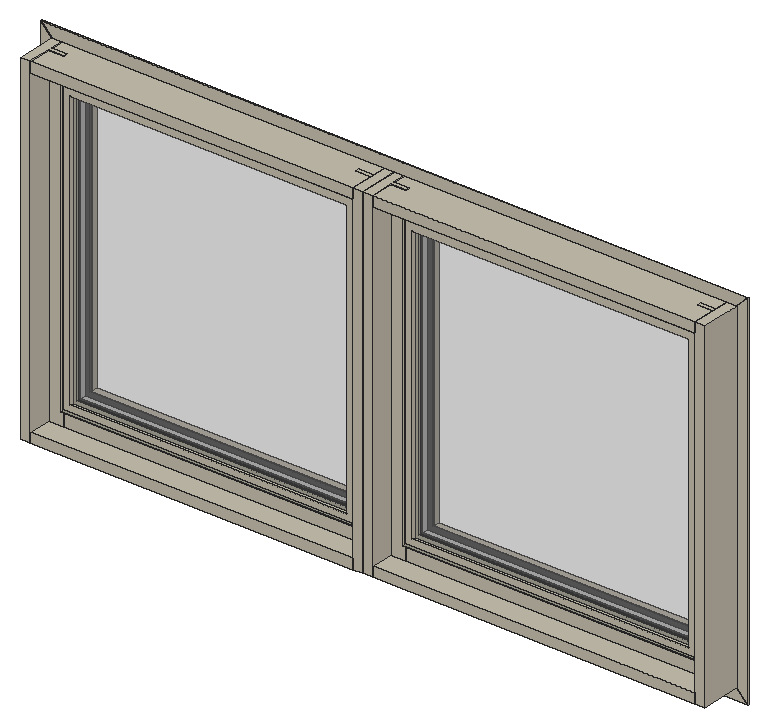
Revit family "3d0c3042-02c9-4433-823e-a8a08dd940e5", category Windows, host Wall, Revit 2014
Parameters (values of type "Motorized")
  glazingoffset [instance] = 0' - 0"  # constant formula
  glazingcl [instance] = 0' - 0"  # constant formula
  glasswidth [instance] = Unit Width - (0' 2 9/16" * 2) - 0' 5 1/8"  # 4' - 1 3/4"
  glassheight [instance] = Unit Height - (0' 2 9/16" * 2)  # 2' - 0 7/8"
  framewidth [instance] = Unit Width / 2  # 2' - 6"
  Weatherstripping Color [instance] = Finish - WesternWindow - Black
  Water Penetration = "as Specified"
  Warranty Duration (Years) = 0
  WarmEdge Spacer Finish [instance] = Finish - WesternWindow - Clear Satin Anodized
  Visual Light Transmittance = VLT  # 0
  VLT = 0
  Unit Width [instance] = 5' - 0"
  Unit Height [instance] = 2' - 6"
  URL = "https://www.westernwindowsystems.com/"
  U = 1.0000 BTU/(h·ft²·°F)
  Thermal Resistance (R) = R  # 1.0000 (h·ft²·°F)/BTU
  Test Data = ""
  Standards Conformance = "as Specified"
  SpecWizard = ""
  Solar Heat Gain Coefficient = SHGC  # 0
  Show Nail Fin [instance] = yes
  Screen Material [instance] = Metal - Window Screen
  STC Rating = 0
  SHGC = 0
  RO Spacing_Top = 0' - 0 1/4"
  RO Spacing_Sides = 0' - 0 1/4"
  RO Spacing_Bottom = 0' - 0"
  R = 1.0000 (h·ft²·°F)/BTU
  Operation = "Awning Pair"
  Miami Dade Conformance = "as Specified"
  Meets Egress = "as Specified"
  Maximum Size = "42 - 120'' Width  ;  16 - 48'' Height"
  Installation-Fabrication = ""
  Structural Test Pressure = "as Specified"
  Specification = ""
  Sales Information = "https://www.westernwindowsystems.com/contact-us"
  Rough Width [instance] = Width + (RO Spacing_Sides * 2)  # 5' - 0 1/2"
  Rough Height [instance] = Height + (RO Spacing_Top + RO Spacing_Bottom)  # 2' - 6 1/4"
  Product Properties = "https://www.westernwindowsystems.com/windows/series-670-hinged-window/"
  Product Data = "http://www.arcat.com/arcatcos/cos45/arc45818.html"
  Model = "670 Awning"
  Manufacturer Website = "https://www.westernwindowsystems.com/"
  Manufacturer Phone - Toll Free = ""
  Manufacturer Phone = "602-268-1300"
  Manufacturer Fax = "602-243-3119"
  Manufacturer Address = "5621 S. 25th St.  Phoenix, AZ 85040"
  Manufacturer = "Western Window Systems"
  Maintenance Schedule (Months) = 0
  Keynote = "as Specified"
  Installation Phase = ""
  Inset from Exterior Wall [instance] = 0' - 0"
  Include Screen = yes
  Height [instance] = Unit Height  # 2' - 6"
  Heat Transfer Coefficient (U) = U  # 5.6783 W/(m²·K)
  Hardware Finish [instance] = none
  Green Building-LEED = ""
  Glazing Type [instance] = "as Specified"
  Glazing Tint [instance] = Glazing - Clear
  Glazing Thickness = 0' - 0 7/8"
  Glazing Configuration [instance] = "as Specified"
  Frame Mounting Setback = 0' - 1"
  Frame Finish [instance] = Finish - WesternWindow - Warmtone
  Frame Design_Nail Fin = yes
  Frame Depth = 0' - 4 1/2"  # constant formula
  Forced Entry Rating = "as Specified"
  Expected Lifespan (Years) = 0
  Drawn By = "Sumex Design, Inc. / Robert S. Weygant, CSI, CDT, SCIP"
  Description = "Western Window Aluminum Awning Window - 670 Awning as Specified"
  Wall Closure = By host
  Width [instance] = Unit Width  # 5' - 0"
  Daylight Opening Width [instance] = Unit Width - (0' 3 1/16" * 2) - 0' 6 1/8"  # 3' - 11 3/4"
  Daylight Opening Height [instance] = Unit Height - (0' 3 1/16" * 2)  # 1' - 11 7/8"
  Copyright = "©Arcat Inc."
  Construction Details = ""
  Assembly Code = ""
  Analytic Construction = "<None>"
  Air Infiltration = "as Specified"
  AAMA Designation = "as Specified"
  3D Swing Angle [instance] = 0.00°
Types (3): name | Include Screen
  Motorized | yes
  Push Out | no
  Standard | yes
Reference planes (in)
  plane 1 "Center (Front/Back)": y = 0.6426
  plane 2: z = 0
  plane 3 "CENTER RL": x = 0.75
  plane 4 "RO RIGHT": x = -29.5
  plane 5 "RO LEFT": x = 31
  plane 6 "RO BOTTOM": z = 36.875
  plane 7 "FRAME TOP": z = 66.875
  plane 8 "CENTER ELEVATION": z = 51.875
  plane 9 "FRAME LEFT": x = 30.75
  plane 10 "FRAME R": x = -29.25
  plane 11 "SILL": z = 36.875
  plane 12 "EXT WALL": y = 3.6426
  plane 13 "RO TOP": z = 67.125
  plane 14 "INT WALL": y = -2.3574
  plane 15: y = 4.6426
  plane 16: y = 0.1426
  plane 17: y = 3.6426
  plane 18: y = 0.1426
Forms (in)
  Extrusion 1, solid, material "Finish - WesternWindow - Warmtone" <- "Frame Finish", visible <- "Show Nail Fin"
    sketch origin (-19.69941, 4.6426, 48) x (-1, 0, 0) y (0, 0, 1)
      loop
        line (9.55059, 18.875) -> (10.55059, 19.875) -> (-51.44941, 19.875) -> (-50.44941, 18.875) -> (9.55059, 18.875)
    from -0.9375 to -1
  Extrusion 2, solid, material "Finish - WesternWindow - Warmtone" <- "Frame Finish", visible <- "Show Nail Fin"
    sketch origin (-19.69941, 4.6426, 48) x (-1, 0, 0) y (0, 0, 1)
      loop
        line (9.55059, -11.125) -> (-50.44941, -11.125) -> (-51.44941, -12.125) -> (10.55059, -12.125) -> (9.55059, -11.125)
    from -0.9375 to -1
  Extrusion 3, solid, material "Finish - WesternWindow - Warmtone" <- "Frame Finish", visible <- "Show Nail Fin"
    sketch origin (-19.69941, 4.6426, 48) x (-1, 0, 0) y (0, 0, 1)
      loop
        line (10.55059, 19.875) -> (9.55059, 18.875) -> (9.55059, -11.125) -> (10.55059, -12.125) -> (10.55059, 19.875)
      loop
        line (-51.44941, 19.875) -> (-51.44941, -12.125) -> (-50.44941, -11.125) -> (-50.44941, 18.875) -> (-51.44941, 19.875)
    from -0.9375 to -1
Lines and regions (in)
  Opening 1
    outline origin (-60, -2.3574, 0) x (1, 0, 0) y (0, 0, 1)
      loop
        line (30.5, 67.125) -> (30.5, 36.875) -> (91, 36.875) -> (91, 67.125) -> (30.5, 67.125)
Text (in)
  text "EXTERIOR" at (-86.77914, 11.17749, 0), in view "Plan View"
  text "INTERIOR" at (-86.77914, -6.09899, 0), in view "Plan View"
  text "Exterior" at (0, 43.65631, 123.19604), in view "Left"
  text "Exterior" at (0, 18.29385, 125.04747), in view "Right"
Dimensions and locks (in)
  equal spacing: plane 4 "RO RIGHT", plane 3 "CENTER RL", plane 5 "RO LEFT"
  "Width": plane 10 "FRAME R" to plane 9 "FRAME LEFT"
  equal spacing: plane 7 "FRAME TOP", plane 8 "CENTER ELEVATION", plane 6 "RO BOTTOM"
  "RO Spacing_Sides": plane 5 "RO LEFT" to plane 9 "FRAME LEFT"
  "RO Spacing_Sides": plane 4 "RO RIGHT" to plane 10 "FRAME R"
  "RO Spacing_Top": plane 7 "FRAME TOP" to plane 13 "RO TOP"
  "RO Spacing_Bottom": plane 6 "RO BOTTOM" to plane 11 "SILL"
  "Height": plane 11 "SILL" to plane 7 "FRAME TOP"
  "Frame Depth": plane 15 to plane 16
  "Frame Mounting Setback": plane 15 to plane 17
  "Inset from Exterior Wall": plane 17 to plane 12 "EXT WALL"
  "glazingcl": plane 18 to plane 16
  locked: Extrusion 1 sketch curve to plane 10 "FRAME R" at 1
  locked: Extrusion 1 sketch curve to plane 9 "FRAME LEFT" at 1
  locked: Extrusion 1 sketch curve to plane 7 "FRAME TOP" at 1
  locked: Extrusion 2 sketch curve to plane 10 "FRAME R" at 1
  locked: Extrusion 2 sketch curve to plane 9 "FRAME LEFT" at 1
  locked: plane 11 "SILL" to Extrusion 2 sketch curve at 1
  locked: Extrusion 3 sketch curve to plane 7 "FRAME TOP" at 1  (x2)
  locked: plane 11 "SILL" to Extrusion 3 sketch curve at 1  (x2)
  locked: Extrusion 3 sketch curve to plane 10 "FRAME R" at 1
  locked: Extrusion 3 sketch curve to plane 9 "FRAME LEFT" at 1
  aligned and locked: plane 6 "RO BOTTOM" to Opening 1 sketch curve  (x2)
  aligned and locked: plane 5 "RO LEFT" to Opening 1 sketch curve
  aligned and locked: plane 4 "RO RIGHT" to Opening 1 sketch curve
  aligned and locked: level to plane 2
  aligned and locked: plane 1 "Center (Front/Back)" to host wall
  aligned and locked: plane 12 "EXT WALL" to host wall
  aligned and locked: Opening 1 sketch curve to plane 13 "RO TOP"
  aligned and locked: plane 14 "INT WALL" to host wall
  aligned and locked: nested 1 to plane 16
  aligned and locked: Extrusion 1 sketch curve to plane 7 "FRAME TOP"
  aligned and locked: plane 11 "SILL" to Extrusion 2 sketch curve
  aligned and locked: plane 9 "FRAME LEFT" to Extrusion 3 sketch curve
  aligned and locked: Extrusion 3 sketch curve to plane 10 "FRAME R"
  aligned and locked: plane 11 "SILL" to nested 2
  aligned and locked: nested 1 to plane 11 "SILL"
  aligned and locked: nested 2 to plane 18
Automatic sketch dimensions
  Extrusion 1 sketch curve to plane 9 "FRAME LEFT" = 0' - 0"
  plane 10 "FRAME R" to Extrusion 1 sketch curve = 0' - 0"
  Extrusion 2 sketch curve to plane 9 "FRAME LEFT" = 0' - 0"
  plane 10 "FRAME R" to Extrusion 2 sketch curve = 0' - 0"
  Extrusion 3 sketch curve to plane 6 "RO BOTTOM" = 0' - 0"  (x2)
  Extrusion 3 sketch curve to plane 7 "FRAME TOP" = 0' - 0"  (x2)
Nested families (in)
  nested 1: "670Awn" at (30.75, 0.1426, 51.875) x (0, 0, 1) z (-1, 0, 0), weatherstripping color <- "Weatherstripping Color", warm edge spacer color <- "WarmEdge Spacer Finish", glazing <- "Glazing Tint", frame <- "Frame Finish", screen <- "Screen Material", swingangle <- "3D Swing Angle", width <- "Unit Height", height <- "framewidth", include screen <- "Include Screen", type "670Awn"
    with width 2' - 6", weatherstripping color Finish - WesternWindow - Black, warm edge spacer color Finish - WesternWindow - Clear Satin Anodized, swingangle 0.00°, screen Metal - Window Screen, include screen yes, height 2' - 6", glazingcontrol 2' - 2 13/16", glazing Glazing - Clear, frame Finish - WesternWindow - Warmtone
  nested 2: "670Awn" at (-29.25, 0.1426, 51.875) x (0, 0, 1) z (1, 0, 0), weatherstripping color <- "Weatherstripping Color", warm edge spacer color <- "WarmEdge Spacer Finish", glazing <- "Glazing Tint", frame <- "Frame Finish", screen <- "Screen Material", swingangle <- "3D Swing Angle", width <- "Unit Height", height <- "framewidth", include screen <- "Include Screen", type "670Awn"
    with width 2' - 6", weatherstripping color Finish - WesternWindow - Black, warm edge spacer color Finish - WesternWindow - Clear Satin Anodized, swingangle 0.00°, screen Metal - Window Screen, include screen yes, height 2' - 6", glazingcontrol 2' - 2 13/16", glazing Glazing - Clear, frame Finish - WesternWindow - Warmtone
Definition of nested family "670Awn"
  Parameters (values of type "670CaseAwn")
    width [instance] = 3' - 0"
    weatherstripping color [instance] = none
    warm edge spacer color [instance] = none
    swingangle [instance] = 0.00°
    screen [instance] = none
    include screen [instance] = yes
    height [instance] = 3' - 0"
    glazingcontrol [instance] = width - (0' 2 9/16") - (0' 2 9/16" - 0' 1 15/16")  # 2' - 8 13/16"
    glazing [instance] = none
    frame [instance] = none
    Default Elevation = 4' - 0"
  Reference planes (in)
    plane 1 "Center (Front/Back)": y = 0
    plane 2: z = 0
    plane 3 "Center (Left/Right)": x = 0
    plane 4: x = -18
    plane 5: x = 18
    plane 6: z = 36
    plane 7: z = 18
    plane 8: x = 17.375
  Forms (in)
    Sweep 1, solid, material <- "frame"
      path origin (0, 0, 0) x (1, 0, 0) y (0, 0, 1)
        loop
          line (-18, 35.125) -> (-18, 0.875)
      profile origin (-18, 0, 18) x (0, -1, 0) y (1, 0, 0)
        loop
          line (-3.28125, 0.875) -> (-4.5, 0.50239) -> (-4.5, 0) -> (0, 0) -> (0, 0.875) -> (-2, 0.875) -> (-2, 2.1875) -> (-2.34375, 2.1875) -> (-2.34375, 0.875) -> (-3.28125, 0.875)
    Sweep 2, solid, material <- "frame"
      path origin (0, 0, 0) x (-1, 0, 0) y (0, 0, 1)
        loop
          line (-18, 35.125) -> (-18, 0.875)
      profile origin (18, 0, 18) x (0, -1, 0) y (1, 0, 0)
        loop
          line (-4.5, -0.875) -> (-2.34375, -0.875) -> (-2.34375, -2.1875) -> (-2, -2.1875) -> (-2, -0.875) -> (0, -0.875) -> (0, 0) -> (-4.5, 0) -> (-4.5, -0.875)
    Sweep 3, solid, material <- "frame"
      path origin (0, 0, 0) x (1, 0, 0) y (0, 0, 1)
        loop
          line (-18, 0) -> (18, 0)
      profile origin (0, 0, 0) x (0, 0, 1) y (0, -1, 0)
        loop
          line (0, 0) -> (0, -4.5) -> (0.875, -4.5) -> (0.875, -2.34375) -> (2.1875, -2.34375) -> (2.1875, -2) -> (0.875, -2) -> (0.875, 0) -> (0, 0)
    Sweep 4, solid, material <- "frame"
      path origin (0, 0, 60) x (1, 0, 0) y (0, 0, 1)
        loop
          line (-18, -24) -> (18, -24)
      profile origin (0, 0, 36) x (0, 0, 1) y (0, -1, 0)
        loop
          line (-0.875, -4.5) -> (0, -4.5) -> (0, 0) -> (-0.875, 0) -> (-0.875, -2) -> (-2.1875, -2) -> (-2.1875, -2.34375) -> (-0.875, -2.34375) -> (-0.875, -4.5)
    Sweep 5, solid, material <- "weatherstripping color", detail levels medium+fine
      path origin (17.375, 4.5, 0) x (-1, 0, 0) y (0, 0, 1)
        loop
          line (35.375, 36) -> (-0.625, 36) -> (-0.625, 0) -> (35.375, 0) -> (35.375, 36)
      profile origin (0, 4.5, 36) x (0, 0, -1) y (0, 1, 0)
        loop
          line (3.0625, -2) -> (3.0625, -1.84375) -> (2.5625, -1.84375) -> (2.5625, -2) -> (3.0625, -2)
        loop
          line (2.5625, -0.59375) -> (2.5625, -0.96875) -> (3.3125, -0.96875) -> (3.3125, -0.90625) -> (3.21094, -0.90625) -> (3.125, -0.82031) -> (3.125, -0.59375) -> (2.5625, -0.59375)
    Extrusion 6, solid, material <- "glazing"
      sketch origin (17.375, 4.5, 0) x (-1, 0, 0) y (0, 0, 1)
        loop
          line (32.8125, 33.4375) -> (1.9375, 33.4375) -> (1.9375, 2.5625) -> (32.8125, 2.5625) -> (32.8125, 33.4375)
      from -1.84375 to -0.96875
    Sweep 7, solid, material <- "warm edge spacer color"
      path origin (17.375, 4.5, 0) x (-1, 0, 0) y (0, 0, 1)
        loop
          line (35.375, 36) -> (-0.625, 36) -> (-0.625, 0) -> (35.375, 0) -> (35.375, 36)
      profile origin (0, 4.5, 36) x (0, 0, -1) y (0, 1, 0)
        loop
          line (2.5625, -1.15625) -> (2.5625, -1.65625) -> (3, -1.65625) -> (3, -1.15625) -> (2.5625, -1.15625)
    Sweep 8, solid, material <- "frame"
      path origin (17.375, 4.5, 0) x (-1, 0, 0) y (0, 0, 1)
        loop
          line (35.375, 36) -> (-0.625, 36) -> (-0.625, 0) -> (35.375, 0) -> (35.375, 36)
      profile origin (0, 4.5, 36) x (0, 0, -1) y (0, 1, 0)
        loop
          line (1.90625, 0) -> (1.90625, -2.15625) -> (3.0625, -2.15625) -> (3.0625, -2) -> (2.5625, -2) -> (2.5625, -0.59375) -> (3.0625, -0.59375) -> (3.0625, 0.09375) -> (2.3125, 0.09375) -> (2.3125, 0.21875) -> (0.625, 0.21875) -> (0.625, 0) -> (1.90625, 0)
    Sweep 9, solid, material <- "frame", visible <- "include screen"
      path origin (0, 0, 0) x (1, 0, 0) y (0, 0, 1)
        loop
          line (-18, 36) -> (-18, 0) -> (18, 0) -> (18, 36) -> (-18, 36)
      profile origin (0, 0, 36) x (0, 0, 1) y (0, -1, 0)
        loop
          line (-2.1875, -2) -> (-2, -2) -> (-2, -1.9375) -> (-2.0625, -1.9375) -> (-2.28125, -1.875) -> (-2.875, -1.875) -> (-2.875, -2.15625) -> (-2.625, -2.15625) -> (-2.625, -2.34375) -> (-2.1875, -2.34375) -> (-2.1875, -2)
    Extrusion 10, solid, material <- "screen", visible <- "include screen"
      sketch origin (0, 0, 0) x (1, 0, 0) y (0, 0, 1)
        loop
          line (-15.375, 33.375) -> (-15.375, 2.625) -> (15.375, 2.625) -> (15.375, 33.375) -> (-15.375, 33.375)
      from -2.21971 to -2.15625
    Extrusion 11, void
      sketch origin (0, 0, 0) x (1, 0, 0) y (0, 0, 1)
        loop
          line (-17.125, 35.125) -> (-17.125, 33.8125) -> (-15.8125, 33.8125) -> (-15.8125, 35.125) -> (-17.125, 35.125)
        loop
          line (15.8125, 35.125) -> (15.8125, 33.8125) -> (17.125, 33.8125) -> (17.125, 35.125) -> (15.8125, 35.125)
        loop
          line (15.8125, 2.1875) -> (15.8125, 0.875) -> (17.125, 0.875) -> (17.125, 2.1875) -> (15.8125, 2.1875)
        loop
          line (-17.125, 2.1875) -> (-17.125, 0.875) -> (-15.8125, 0.875) -> (-15.8125, 2.1875) -> (-17.125, 2.1875)
      from 0 to -3.28125
  Cuts and joins
    Extrusion 11 cuts Sweep 1
    Extrusion 11 cuts Sweep 2
  Lines and regions (in)
    reference lines
      curve 1: line (17.375, 4.5, 0) -> (7.875, 4.5, 0)
    model lines, style "GenericModelHiddenLines"
      curve 2: line (-17.375, 4.71875, 35.375) -> (17.375, 4.71875, 18)
      curve 3: line (17.375, 4.71875, 18) -> (-17.375, 4.71875, 0.625)
      curve 4: line (-17.375, 2, 35.375) -> (17.375, 2, 18)
      curve 5: line (17.375, 2, 18) -> (-17.375, 2, 0.625)
  Dimensions and locks (in)
    equal spacing: plane 4, plane 3 "Center (Left/Right)", plane 5
    "width": plane 4 to plane 5
    "height": plane 6 to level
    locked: plane 6 to Extrusion 6 sketch curve at 2.5625
    locked: Extrusion 6 sketch curve to level at 2.5625
    locked: curve 1 to plane 5 at 0.625
    locked: plane 1 "Center (Front/Back)" to curve 1 at 4.5
    locked: Extrusion 6 sketch curve to curve 1 at 1.9375
    "glazingcontrol": curve 1 to Extrusion 6 sketch curve
    equal spacing: plane 6, plane 7, level
    locked: curve 1 to Sweep 8 sketch curve at 0.625
    "width": Sweep 8 sketch curve to Sweep 8 sketch curve
    locked: curve 1 to Sweep 5 sketch curve at 0.625
    "width": Sweep 5 sketch curve to Sweep 5 sketch curve
    locked: curve 1 to Sweep 7 sketch curve at 0.625
    "width": Sweep 7 sketch curve to Sweep 7 sketch curve
    locked: plane 5 to plane 8 at 0.625
    locked: plane 6 to Sweep 1 sketch curve at 0.875
    locked: Sweep 1 sketch curve to level at 0.875
    locked: plane 6 to Sweep 2 sketch curve at 0.875
    locked: Sweep 2 sketch curve to level at 0.875
    Extrusion 11 sketch curve to Extrusion 11 sketch curve to level = 0' - 1 5/16" locked, 0' - 0 7/8" locked  (x2)
    Extrusion 11 sketch curve to Extrusion 11 sketch curve to plane 4 = 0' - 1 5/16" locked, 0' - 0 7/8" locked  (x2)
    plane 5 to Extrusion 11 sketch curve to Extrusion 11 sketch curve = 0' - 0 7/8" locked, 0' - 1 5/16" locked  (x2)
    plane 6 to Extrusion 11 sketch curve to Extrusion 11 sketch curve = 0' - 0 7/8" locked, 0' - 1 5/16" locked  (x2)
    "swingangle": angle curve 1 to plane 1 "Center (Front/Back)"
    aligned and locked: plane 2 to level
    aligned and locked: Sweep 1 sketch curve to plane 4
    aligned and locked: Sweep 2 sketch curve to plane 5
    aligned and locked: Sweep 4 sketch curve to plane 6
    aligned and locked: level to Sweep 8 sketch curve
    aligned and locked: Sweep 8 sketch curve to plane 6
    aligned and locked: Sweep 9 sketch curve to Sweep 1
    aligned and locked: Sweep 9 sketch curve to Sweep 2
    aligned and locked: plane 7 to curve 2
    aligned and locked: plane 7 to curve 4
    aligned and locked: plane 8 to curve 4
    aligned and locked: plane 4 to Sweep 4 sketch curve
    aligned and locked: plane 4 to Sweep 3 sketch curve
    aligned and locked: plane 5 to Sweep 4 sketch curve
    aligned and locked: plane 5 to Sweep 3 sketch curve
    aligned and locked: Sweep 9 sketch curve to plane 6
    aligned and locked: level to Sweep 9 sketch curve
    aligned and locked: Sweep 5 sketch curve to plane 6
    aligned and locked: level to Sweep 5 sketch curve
    aligned and locked: level to Sweep 7 sketch curve
    aligned and locked: Sweep 7 sketch curve to plane 6
  Automatic sketch dimensions
    Sweep 3 sketch curve to level = 0' - 0"
    Sweep 4 sketch curve to plane 1 "Center (Front/Back)" = 0' - 0"
    profile plane to Sweep 4 sketch curve = 0' - 0"
    Sweep 4 sketch curve to Sweep 4 sketch curve = 0' - 0 7/8"  (x2)
    Sweep 4 sketch curve to Sweep 4 sketch curve = 0' - 1 5/16"
    Sweep 4 sketch curve to plane 1 "Center (Front/Back)" = 0' - 2"
    Sweep 4 sketch curve to Sweep 4 sketch curve = 0' - 0 11/32"
    Sweep 4 sketch curve to Sweep 4 sketch curve = 0' - 2 5/32"
    Sweep 2 sketch curve to profile plane = 0' - 0"
    plane 1 "Center (Front/Back)" to Sweep 2 sketch curve = 0' - 0"
    Sweep 2 sketch curve to plane 1 "Center (Front/Back)" = 0' - 2"
    Sweep 2 sketch curve to Sweep 2 sketch curve = 0' - 0 11/32"
    profile plane to Sweep 2 sketch curve = 0' - 0 7/8"
    Sweep 2 sketch curve to Sweep 2 sketch curve = 0' - 2 5/32"
    Sweep 2 sketch curve to Sweep 2 sketch curve = 0' - 1 5/16"
    Sweep 2 sketch curve to Sweep 2 sketch curve = 0' - 0"
    profile plane to Sweep 9 sketch curve = 0' - 2 7/8"
    Sweep 9 sketch curve to Sweep 9 sketch curve = 0' - 0 1/4"
    Sweep 9 sketch curve to Sweep 9 sketch curve = 0' - 0 11/32"  (x2)
    Sweep 9 sketch curve to Sweep 9 sketch curve = 0' - 0 7/32"
    Sweep 9 sketch curve to Sweep 9 sketch curve = 0' - 0 1/16"  (x2)
    Sweep 9 sketch curve to plane 1 "Center (Front/Back)" = 0' - 2 11/32"
    Sweep 9 sketch curve to Sweep 9 sketch curve = 0' - 0 3/16"  (x2)
    Sweep 9 sketch curve to Sweep 9 sketch curve = 0' - 0 1/8"
    plane 4 to Extrusion 10 sketch curve = 0' - 2 5/8"
    Extrusion 10 sketch curve to plane 5 = 0' - 2 5/8"
    level to Extrusion 10 sketch curve = 0' - 2 5/8"
    Extrusion 10 sketch curve to plane 6 = 0' - 2 5/8"
    Sweep 8 sketch curve to profile plane = 0' - 0"
    profile plane to Sweep 8 sketch curve = 0' - 0 7/32"
    Sweep 8 sketch curve to profile plane = 0' - 0 5/8"
    Sweep 8 sketch curve to Sweep 8 sketch curve = 0' - 1 9/32"
    Sweep 8 sketch curve to Sweep 8 sketch curve = 0' - 0 13/32"
    Sweep 8 sketch curve to Sweep 8 sketch curve = 0' - 0 1/4"
    profile plane to Sweep 8 sketch curve = 0' - 0 3/32"
    Sweep 8 sketch curve to Sweep 8 sketch curve = 0' - 0 3/4"
    Sweep 8 sketch curve to Sweep 8 sketch curve = 0' - 0 1/2"
    Sweep 8 sketch curve to profile plane = 0' - 0 19/32"
    Sweep 8 sketch curve to Sweep 8 sketch curve = 0' - 1 13/32"
    Sweep 8 sketch curve to Sweep 8 sketch curve = 0' - 0 5/32"
    Sweep 7 sketch curve to profile plane = 0' - 2 9/16"
    Sweep 7 sketch curve to Sweep 7 sketch curve = 0' - 0 7/16"
    Sweep 7 sketch curve to profile plane = 0' - 1 21/32"
    Sweep 7 sketch curve to Sweep 7 sketch curve = 0' - 0 1/2"
    Sweep 3 sketch curve to plane 1 "Center (Front/Back)" = 0' - 0"
    profile plane to Sweep 3 sketch curve = 0' - 0"
    Sweep 3 sketch curve to profile plane = 0' - 0 7/8"
    Sweep 3 sketch curve to Sweep 3 sketch curve = 0' - 0 7/8"
    Sweep 3 sketch curve to Sweep 3 sketch curve = 0' - 1 5/16"
    Sweep 3 sketch curve to Sweep 3 sketch curve = 0' - 2"
    Sweep 3 sketch curve to Sweep 3 sketch curve = 0' - 0 11/32"
    curve 3 to Sweep 8 = 0' - 0"  (x2)
    curve 2 to Sweep 8 = 0' - 0"  (x2)
    Sweep 8 to curve 3 = 0' - 0"
    Sweep 5 sketch curve to profile plane = 0' - 0 19/32"
    Sweep 5 sketch curve to profile plane = 0' - 2 9/16"
    Sweep 5 sketch curve to Sweep 5 sketch curve = 0' - 0"
    Sweep 5 sketch curve to Sweep 5 sketch curve = 0' - 0 1/2"
    Sweep 5 sketch curve to Sweep 5 sketch curve = 0' - 0 9/16"
    Sweep 5 sketch curve to profile plane = 0' - 0 29/32"
    Sweep 5 sketch curve to Sweep 5 sketch curve = 0' - 0 11/128"  (x2)
    Sweep 5 sketch curve to Sweep 5 sketch curve = 0' - 0 13/128"
    Sweep 5 sketch curve to Sweep 5 sketch curve = 0' - 0 1/16"
    Sweep 5 sketch curve to Sweep 5 sketch curve = 0' - 0 7/8"
    Sweep 5 sketch curve to Sweep 5 sketch curve = 0' - 0 5/32"
    Sweep 1 sketch curve to profile plane = 0' - 0"
    plane 1 "Center (Front/Back)" to Sweep 1 sketch curve = 0' - 0"
    Sweep 1 sketch curve to plane 1 "Center (Front/Back)" = 0' - 2"
    Sweep 1 sketch curve to Sweep 1 sketch curve = 0' - 0 11/32"
    Sweep 1 sketch curve to Sweep 1 sketch curve = 0' - 2 5/32"
    Sweep 1 sketch curve to Sweep 1 sketch curve = 0' - 0"
    Sweep 1 sketch curve to Sweep 1 sketch curve = 0' - 1 5/16"
    Sweep 1 sketch curve to profile plane = 0' - 0 7/8"
    Sweep 1 sketch curve to Sweep 1 sketch curve = 0' - 0 15/16"
    Sweep 1 sketch curve to profile plane = 0' - 0.50239"
    Sweep 3 sketch curve to Sweep 3 sketch curve = 0' - 2 5/32"
    curve 4 to Sweep 1 = 0' - 0 1/4"  (x2)
    curve 5 to Sweep 1 = 0' - 0 1/4"  (x2)
